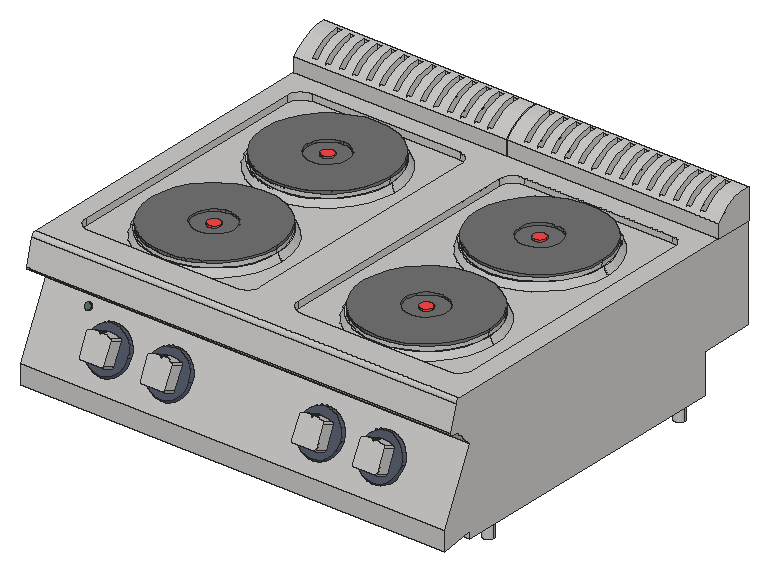
Revit family "QF_ZANUSSI_372015_Z7ECEH4R00", category Specialty Equipment, Revit 2018
Family settings
  Round Connector Dimension = Use Diameter
  Part Type = Normal
  Work Plane-Based = No
  Always vertical = Yes
  Cut with Voids When Loaded = No
  Shared = No
  Room Calculation Point = No
Parameters
  Width = 800 mm  # constant formula
  Weight in Pounds = 88  # constant formula
  Weight = 0.00 kg
  Watts = 10400 W  # constant formula
  Volts = 400 V  # constant formula
  URL Manufacturer = "http://www.zanussiprofessional.com"
  URL Cutsheet = "www.electrolux.com/foodservice"
  URL = "http://www.zanussiprofessional.com"
  Type Mark [instance] = ""
  Steam Supply Size = 0"
  Steam Supply Minimum Pressure = 0.00 psi
  Steam Supply Maximum Pressure = 0.00 psi
  Steam Pounds per Hour = 0
  Status [instance] = ""
  Specification by User [instance] = ""
  Specification by Manufacturer = ""
  Show Logo [instance] = yes
  Show Clearance [instance] = yes
  Serial Number = ""
  Seismic Rating = ""
  SMACNA No = ""
  Revision Code [instance] = ""
  Refrigeration Suction Line Size = 0"
  Refrigeration Liquid Line Size = 0"
  Refrigerant Compressor Remote = yes
  Phase = 3  # constant formula
  Omniclass Number and Title = ""
  Number of Poles [instance] = 1
  NAFEM Spec ID Number = ""
  Model = "Z7ECEH4R00"
  Min Ckt Ampacity = 0 A
  Max Overcurrent Protection = 0 A
  Masterspec = ""
  Manufacturer = "Zanussi"
  Length Actual = 800 mm  # constant formula
  Item Number [instance] = "372015"
  Installed By [instance] = ""
  Identify Quantity as Lot [instance] = yes
  Hot Water Size = 0"
  Height Actual = 250 mm  # constant formula
  Height = 332 mm  # constant formula
  HP = "13.9 HP"
  Gas Size = 0"
  Gas KW = 0
  Gas Input Pressure = 0.0 Btu/h
  Furnished By [instance] = ""
  Foodservice Equipment Identifier [instance] = yes
  FL Amps = if(Phase = 3, Watts / (Volts * 1.73), Watts / Volts)  # 15.0289 A
  Electrical Remarks [instance] = "400 V/3N ph/50/60 Hz"  # constant formula
  Electric Connection Type [instance] = ""
  Elec Conn RI Height [instance] = 0 mm
  Elec Conn Connection Height [instance] = 0 mm
  Direct Waste Size = 0"
  Description = "4-HOT PLATE ELECTRIC BOILING TOP 800 MM"
  Depth Actual = 700 mm  # constant formula
  Depth = 715 mm  # constant formula
  Cycle [instance] = if([60 Hertz Option], 60 Hz, 50 Hz)  # 60 Hz
  Conn Plug = ""
  Conn Conduit = yes
  Condensate Return Size = 0"
  Compressed Air Volume = 0 GPM
  Compressed Air Size = 0"
  Compressed Air Pressure = 0.00 psi
  Cold Water Size = 0"
  CSI MasterFormat = ""
  CSI Master Format = ""
  Base Height [instance] = 24 mm  # constant formula
  Assembly Code = ""
  Apparent Power = if(Phase = 3, Volts * FL Amps * 1.73, Volts * FL Amps)  # 10400 VA
  Accessory = yes
  60 Hertz Option [instance] = not([50 Hertz Option])  # yes
  50 Hertz Option [instance] = no
Reference planes
  plane 1 "BACK": y = 0
  plane 2: z = 0
  plane 3 "LEFT": x = 0
  plane 4 "RIGHT": x = 800
  plane 5 "FRONT": y = -715
  plane 6 "TOP": z = 288.925
  plane 7 "Center Y": x = 400
  plane 8 "Center X": y = -357.5
  plane 9 "BASE": z = 24
  plane 10 "TOP A": z = 274
  plane 11: y = -597.884
  plane 12: y = -147.637
  plane 13: z = 332
  plane 14: through (-6096, -654.982, 186.002) normal (0, -0.8956, 0.4448)
Forms (mm)
  Extrusion 1, solid, material "QF_Finishes_Stainless Steel"
    sketch origin (0, 0, 0) x (0, 1, 0) y (0, 0, 1)
      loop
        line (0, 98) -> (0, 274) -> (-679.358, 274)
        arc (-679.358, 274) -> (-684.643, 271.811) -> (-686.833, 266.526) r 7.474
        line (-686.833, 266.526) -> (-699.884, 221.011)
        arc (-699.884, 221.011) -> (-699.396, 218.379) -> (-697, 217.184) r 3
        line (-697, 217.184) -> (-686.802, 217.184) -> (-654.982, 185.364) -> (-715, 64.508) -> (-715, 29.508) -> (-658.645, 37.428)
        arc (-658.645, 37.428) -> (-656.101, 36.674) -> (-655, 34.259) r 3.2
        line (-655, 34.259) -> (-655, 24) -> (-103, 24) -> (-103, 98) -> (0, 98)
    from 0 to 800
  Extrusion 2, solid, material "QF_Finishes_Stainless Steel"
    sketch origin (0, 0, 0) x (1, 0, 0) y (0, 1, 0)
      loop
        circle (11.112, -147.638) r 9.525
      loop
        circle (11.112, -597.884) r 9.525
      loop
        circle (788.887, -147.638) r 9.525
      loop
        circle (788.887, -597.884) r 9.525
    from 0 to 24
  Extrusion 3, solid, material "QF_Finishes_Stainless Steel"
    sketch origin (0, -101.6, 101.6) x (0, 0, -1) y (-1, 0, 0)
      loop
        circle (41.088, -747.613) r 12.7
    from -1.588 to 3.175
  Extrusion 4, solid, material "QF_Finishes_Clearance", visible <- "Show Clearance", detail levels coarse
    sketch origin (0, 0, 0) x (1, 0, 0) y (0, 1, 0)
      loop
        line (0, -715) -> (0, 0) -> (800, 0) -> (800, -715) -> (950.019, -715) -> (950.019, 150.019) -> (-150.019, 150.019) -> (-150.019, -715) -> (0, -715)
    from 0 to 331.788
  Extrusion 5, solid, material "QF_Finishes_Stainless Steel"
    sketch origin (0, 0, 0) x (0, 1, 0) y (0, 0, 1)
      loop
        line (0, 274) -> (0, 331.492)
        arc (0, 331.492) -> (-38.8, 324.37) -> (-69.85, 300.038) r 82.447
        line (-69.85, 300.038) -> (-69.85, 274) -> (0, 274)
    from 0 to 400.05
  Extrusion 6, void
    sketch origin (0, 0, 274.638) x (0, -1, 0) y (1, 0, 0)
      loop
        line (6.761, 29.703) -> (63.911, 29.703) -> (63.911, 38.999) -> (6.761, 38.999) -> (6.761, 29.703)
      loop
        line (63.911, 64.487) -> (6.761, 64.487) -> (6.761, 55.191) -> (63.911, 55.191) -> (63.911, 64.487)
      loop
        line (63.911, 89.975) -> (6.761, 89.975) -> (6.761, 80.68) -> (63.911, 80.68) -> (63.911, 89.975)
      loop
        line (63.911, 115.464) -> (6.761, 115.464) -> (6.761, 106.168) -> (63.911, 106.168) -> (63.911, 115.464)
      loop
        line (63.911, 140.952) -> (6.761, 140.952) -> (6.761, 131.656) -> (63.911, 131.656) -> (63.911, 140.952)
      loop
        line (63.911, 166.44) -> (6.761, 166.44) -> (6.761, 157.145) -> (63.911, 157.145) -> (63.911, 166.44)
      loop
        line (63.911, 191.929) -> (6.761, 191.929) -> (6.761, 182.633) -> (63.911, 182.633) -> (63.911, 191.929)
      loop
        line (63.911, 217.417) -> (6.761, 217.417) -> (6.761, 208.121) -> (63.911, 208.121) -> (63.911, 217.417)
      loop
        line (63.911, 242.905) -> (6.761, 242.905) -> (6.761, 233.61) -> (63.911, 233.61) -> (63.911, 242.905)
      loop
        line (63.911, 268.394) -> (6.761, 268.394) -> (6.761, 259.098) -> (63.911, 259.098) -> (63.911, 268.394)
      loop
        line (63.911, 293.882) -> (6.761, 293.882) -> (6.761, 284.586) -> (63.911, 284.586) -> (63.911, 293.882)
      loop
        line (63.911, 319.37) -> (6.761, 319.37) -> (6.761, 310.075) -> (63.911, 310.075) -> (63.911, 319.37)
      loop
        line (63.911, 344.859) -> (6.761, 344.859) -> (6.761, 335.563) -> (63.911, 335.563) -> (63.911, 344.859)
      loop
        line (63.911, 370.347) -> (6.761, 370.347) -> (6.761, 361.051) -> (63.911, 361.051) -> (63.911, 370.347)
    from 25.4 to 63.5
  Extrusion 7, solid, material "QF_Finishes_Stainless Steel"
    sketch origin (400.05, 0, 0) x (0, 1, 0) y (0, 0, 1)
      loop
        line (0, 274) -> (0, 331.492)
        arc (0, 331.492) -> (-38.8, 324.37) -> (-69.85, 300.038) r 82.447
        line (-69.85, 300.038) -> (-69.85, 274) -> (0, 274)
    from 0 to 400.05
  Extrusion 8, void
    sketch origin (400.05, 0, 274.638) x (0, -1, 0) y (1, 0, 0)
      loop
        line (6.761, 29.653) -> (63.911, 29.653) -> (63.911, 38.949) -> (6.761, 38.949) -> (6.761, 29.653)
      loop
        line (63.911, 64.437) -> (6.761, 64.437) -> (6.761, 55.141) -> (63.911, 55.141) -> (63.911, 64.437)
      loop
        line (63.911, 89.925) -> (6.761, 89.925) -> (6.761, 80.63) -> (63.911, 80.63) -> (63.911, 89.925)
      loop
        line (63.911, 115.414) -> (6.761, 115.414) -> (6.761, 106.118) -> (63.911, 106.118) -> (63.911, 115.414)
      loop
        line (63.911, 140.902) -> (6.761, 140.902) -> (6.761, 131.606) -> (63.911, 131.606) -> (63.911, 140.902)
      loop
        line (63.911, 166.39) -> (6.761, 166.39) -> (6.761, 157.095) -> (63.911, 157.095) -> (63.911, 166.39)
      loop
        line (63.911, 191.879) -> (6.761, 191.879) -> (6.761, 182.583) -> (63.911, 182.583) -> (63.911, 191.879)
      loop
        line (63.911, 217.367) -> (6.761, 217.367) -> (6.761, 208.071) -> (63.911, 208.071) -> (63.911, 217.367)
      loop
        line (63.911, 242.855) -> (6.761, 242.855) -> (6.761, 233.56) -> (63.911, 233.56) -> (63.911, 242.855)
      loop
        line (63.911, 268.344) -> (6.761, 268.344) -> (6.761, 259.048) -> (63.911, 259.048) -> (63.911, 268.344)
      loop
        line (63.911, 293.832) -> (6.761, 293.832) -> (6.761, 284.536) -> (63.911, 284.536) -> (63.911, 293.832)
      loop
        line (63.911, 319.32) -> (6.761, 319.32) -> (6.761, 310.025) -> (63.911, 310.025) -> (63.911, 319.32)
      loop
        line (63.911, 344.809) -> (6.761, 344.809) -> (6.761, 335.513) -> (63.911, 335.513) -> (63.911, 344.809)
      loop
        line (63.911, 370.297) -> (6.761, 370.297) -> (6.761, 361.001) -> (63.911, 361.001) -> (63.911, 370.297)
    from 25.4 to 63.5
  Extrusion 9, void
    sketch origin (0, 0, 274.638) x (1, 0, 0) y (0, -1, 0)
      loop
        line (60.425, 104.885) -> (339.575, 104.885)
        arc (339.575, 104.885) -> (357.536, 112.324) -> (364.975, 130.285) r 25.4
        line (364.975, 130.285) -> (364.975, 604.235)
        arc (364.975, 604.235) -> (357.536, 622.195) -> (339.575, 629.635) r 25.4
        line (339.575, 629.635) -> (60.425, 629.635)
        arc (60.425, 629.635) -> (42.464, 622.195) -> (35.025, 604.235) r 25.4
        line (35.025, 604.235) -> (35.025, 130.285)
        arc (35.025, 130.285) -> (42.464, 112.324) -> (60.425, 104.885) r 25.4
      loop
        arc (739.575, 104.885) -> (757.536, 112.324) -> (764.975, 130.285) r 25.4
        line (764.975, 130.285) -> (764.975, 604.235)
        arc (764.975, 604.235) -> (757.536, 622.195) -> (739.575, 629.635) r 25.4
        line (739.575, 629.635) -> (460.425, 629.635)
        arc (460.425, 629.635) -> (442.464, 622.195) -> (435.025, 604.235) r 25.4
        line (435.025, 604.235) -> (435.025, 130.285)
        arc (435.025, 130.285) -> (442.464, 112.324) -> (460.425, 104.885) r 25.4
        line (460.425, 104.885) -> (739.575, 104.885)
    from 0 to 12.7
  Extrusion 10, solid, material "QF_Finishes_DarkGreen"
    sketch origin (142.475, -662.752, 170.356) x (1, 0, 0) y (0, 0.444781, 0.895639)
      loop
        circle (-55.001, 0) r 6
    from 0 to 1.6
  Blend 11, solid, material "QF_Finishes_Navy Blue"
    base sketch origin (542.525, -684.991, 125.574) x (1, 0, 0) y (0, 0.444781, 0.895639)
      loop
        circle (-0.05, 0) r 42.5
    top sketch origin (542.525, -684.991, 125.574) x (1, 0, 0) y (0, 0.444781, 0.895639)
      loop
        circle (-0.05, 0) r 40.5
    from 0 to 5
  Extrusion 12, solid, material "QF_Finishes_Stainless Steel"
    sketch origin (542.525, -684.991, 125.574) x (1, 0, 0) y (0, 0.444781, 0.895639)
      loop
        arc (-21.197, 22.789) -> (-22.544, 21.685) -> (-23.05, 20.019) r 2.997
        line (-23.05, 20.019) -> (-23.05, -20.019)
        arc (-23.05, -20.019) -> (-22.172, -22.138) -> (-20.053, -23.016) r 2.997
        line (-20.053, -23.016) -> (19.953, -23.016)
        arc (19.953, -23.016) -> (22.072, -22.138) -> (22.95, -20.019) r 2.997
        line (22.95, -20.019) -> (22.95, 20.019)
        arc (22.95, 20.019) -> (22.444, 21.685) -> (21.097, 22.789) r 2.997
        arc (21.097, 22.789) -> (-0.05, 26.984) -> (-21.197, 22.789) r 55.4
    from 10 to 34
  Extrusion 13, solid, material "QF_Plastic-Black-Matte"
    sketch origin (600.025, -684.991, 125.574) x (0, 0.444781, 0.895639) y (0, -0.895639, 0.444781)
      loop
        line (26.984, 34) -> (26.984, 19) -> (27.984, 19) -> (27.984, 34)
        arc (27.984, 34) -> (27.691, 34.707) -> (26.984, 35) r 1
        line (26.984, 35) -> (23.984, 35) -> (23.984, 34) -> (26.984, 34)
    from -58.5 to -56.5
  Extrusion 14, solid, material "QF_Finishes_Stainless Steel"
    sketch origin (542.525, -684.991, 125.574) x (1, 0, 0) y (0, 0.444781, 0.895639)
      loop
        line (17.45, 17.5) -> (-17.55, 17.5) -> (-17.55, -17.5) -> (17.45, -17.5) -> (17.45, 17.5)
    from 5 to 10
  Extrusion 15, solid, material "QF_Plastic-Black-Matte"
    sketch origin (600.025, -684.991, 125.574) x (0, 0.444781, 0.895639) y (0, 0.895639, -0.444781)
      loop
        line (26.984, -34) -> (23.984, -34) -> (23.984, -35) -> (26.984, -35)
        arc (26.984, -35) -> (27.691, -34.707) -> (27.984, -34) r 1
        line (27.984, -34) -> (27.984, -19) -> (26.984, -19) -> (26.984, -34)
    from -58.5 to -56.5
  Extrusion 16, solid, material "QF_Finishes_Stainless Steel"
    sketch origin (657.525, -684.991, 125.574) x (-1, 0, 0) y (0, -0.444781, -0.895639)
      loop
        line (17.6, -17.5) -> (17.6, 17.5) -> (-17.4, 17.5) -> (-17.4, -17.5) -> (17.6, -17.5)
    from 5 to 10
  Blend 17, solid, material "QF_Finishes_Navy Blue"
    base sketch origin (657.525, -684.991, 125.574) x (1, 0, 0) y (0, 0.444781, 0.895639)
      loop
        circle (-0.1, 0) r 42.5
    top sketch origin (657.525, -684.991, 125.574) x (1, 0, 0) y (0, 0.444781, 0.895639)
      loop
        circle (-0.1, 0) r 40.5
    from 0 to 5
  Extrusion 18, solid, material "QF_Finishes_Stainless Steel"
    sketch origin (657.525, -684.991, 125.574) x (-1, 0, 0) y (0, -0.444781, -0.895639)
      loop
        arc (-21.047, -22.789) -> (0.1, -26.984) -> (21.247, -22.789) r 55.4
        arc (21.247, -22.789) -> (22.594, -21.685) -> (23.1, -20.019) r 2.997
        line (23.1, -20.019) -> (23.1, 20.019)
        arc (23.1, 20.019) -> (22.222, 22.138) -> (20.103, 23.016) r 2.997
        line (20.103, 23.016) -> (-19.903, 23.016)
        arc (-19.903, 23.016) -> (-22.022, 22.138) -> (-22.9, 20.019) r 2.997
        line (-22.9, 20.019) -> (-22.9, -20.019)
        arc (-22.9, -20.019) -> (-22.394, -21.685) -> (-21.047, -22.789) r 2.997
    from 10 to 34
  Blend 19, solid, material "QF_Finishes_Navy Blue"
    base sketch origin (142.475, -684.991, 125.574) x (1, 0, 0) y (0, 0.444781, 0.895639)
      loop
        circle (0, 0) r 42.5
    top sketch origin (142.475, -684.991, 125.574) x (1, 0, 0) y (0, 0.444781, 0.895639)
      loop
        circle (0, 0) r 40.5
    from 0 to 5
  Extrusion 20, solid, material "QF_Finishes_Stainless Steel"
    sketch origin (142.475, -684.991, 125.574) x (1, 0, 0) y (0, 0.444781, 0.895639)
      loop
        arc (-21.147, 22.789) -> (-22.494, 21.685) -> (-23, 20.019) r 2.997
        line (-23, 20.019) -> (-23, -20.019)
        arc (-23, -20.019) -> (-22.122, -22.138) -> (-20.003, -23.016) r 2.997
        line (-20.003, -23.016) -> (20.003, -23.016)
        arc (20.003, -23.016) -> (22.122, -22.138) -> (23, -20.019) r 2.997
        line (23, -20.019) -> (23, 20.019)
        arc (23, 20.019) -> (22.494, 21.685) -> (21.147, 22.789) r 2.997
        arc (21.147, 22.789) -> (0, 26.984) -> (-21.147, 22.789) r 55.4
    from 10 to 34
  Extrusion 21, solid, material "QF_Plastic-Black-Matte"
    sketch origin (199.975, -684.991, 125.574) x (0, 0.444781, 0.895639) y (0, -0.895639, 0.444781)
      loop
        line (26.984, 34) -> (26.984, 19) -> (27.984, 19) -> (27.984, 34)
        arc (27.984, 34) -> (27.691, 34.707) -> (26.984, 35) r 1
        line (26.984, 35) -> (23.984, 35) -> (23.984, 34) -> (26.984, 34)
    from -58.5 to -56.5
  Extrusion 22, solid, material "QF_Finishes_Stainless Steel"
    sketch origin (142.475, -684.991, 125.574) x (1, 0, 0) y (0, 0.444781, 0.895639)
      loop
        line (17.5, 17.5) -> (-17.5, 17.5) -> (-17.5, -17.5) -> (17.5, -17.5) -> (17.5, 17.5)
    from 5 to 10
  Extrusion 23, solid, material "QF_Plastic-Black-Matte"
    sketch origin (199.975, -684.991, 125.574) x (0, 0.444781, 0.895639) y (0, 0.895639, -0.444781)
      loop
        line (26.984, -34) -> (23.984, -34) -> (23.984, -35) -> (26.984, -35)
        arc (26.984, -35) -> (27.691, -34.707) -> (27.984, -34) r 1
        line (27.984, -34) -> (27.984, -19) -> (26.984, -19) -> (26.984, -34)
    from -58.5 to -56.5
  Extrusion 24, solid, material "QF_Finishes_Stainless Steel"
    sketch origin (257.475, -684.991, 125.574) x (-1, 0, 0) y (0, -0.444781, -0.895639)
      loop
        line (17.55, -17.5) -> (17.55, 17.5) -> (-17.45, 17.5) -> (-17.45, -17.5) -> (17.55, -17.5)
    from 5 to 10
  Blend 25, solid, material "QF_Finishes_Navy Blue"
    base sketch origin (257.475, -684.991, 125.574) x (1, 0, 0) y (0, 0.444781, 0.895639)
      loop
        circle (-0.05, 0) r 42.5
    top sketch origin (257.475, -684.991, 125.574) x (1, 0, 0) y (0, 0.444781, 0.895639)
      loop
        circle (-0.05, 0) r 40.5
    from 0 to 5
  Extrusion 26, solid, material "QF_Finishes_Stainless Steel"
    sketch origin (257.475, -684.991, 125.574) x (-1, 0, 0) y (0, -0.444781, -0.895639)
      loop
        arc (-21.097, -22.789) -> (0.05, -26.984) -> (21.197, -22.789) r 55.4
        arc (21.197, -22.789) -> (22.544, -21.685) -> (23.05, -20.019) r 2.997
        line (23.05, -20.019) -> (23.05, 20.019)
        arc (23.05, 20.019) -> (22.172, 22.138) -> (20.053, 23.016) r 2.997
        line (20.053, 23.016) -> (-19.953, 23.016)
        arc (-19.953, 23.016) -> (-22.072, 22.138) -> (-22.95, 20.019) r 2.997
        line (-22.95, 20.019) -> (-22.95, -20.019)
        arc (-22.95, -20.019) -> (-22.444, -21.685) -> (-21.097, -22.789) r 2.997
    from 10 to 34
Cuts and joins
  Extrusion 6 cuts Extrusion 5
  Extrusion 8 cuts Extrusion 7
  Extrusion 9 cuts Extrusion 1
Lines and regions (mm)
  Split face 1
    outline origin (542.525, -689.469, 127.797) x (1, 0, 0) y (0, 0.444781, 0.895639)
      loop
        circle (-33, 0) r 3
  Split face 2
    outline origin (663.426, -689.469, 127.797) x (1, 0, 0) y (0, 0.444781, 0.895639)
      loop
        line (-8.901, 38.561) -> (-8.901, 28.561) -> (-2.901, 28.561) -> (-2.901, 38.561) -> (-8.901, 38.561)
  Split face 3
    outline origin (663.426, -689.469, 127.797) x (1, 0, 0) y (0, 0.444781, 0.895639)
      loop
        line (-8.401, 38.061) -> (-8.401, 29.061) -> (-3.401, 29.061) -> (-3.401, 38.061) -> (-8.401, 38.061)
  Split face 4
    outline origin (663.426, -689.469, 127.797) x (1, 0, 0) y (0, 0.444781, 0.895639)
      loop
        line (-8.401, 33.561) -> (-3.401, 33.561)
  Split face 5
    outline origin (663.426, -689.469, 127.797) x (1, 0, 0) y (0, 0.444781, 0.895639)
      loop
        line (-8.401, 33.061) -> (-3.401, 33.061)
  Split face 6
    outline origin (548.426, -689.469, 127.797) x (1, 0, 0) y (0, 0.444781, 0.895639)
      loop
        line (-8.901, 38.561) -> (-8.901, 28.561) -> (-2.901, 28.561) -> (-2.901, 38.561) -> (-8.901, 38.561)
  Split face 7
    outline origin (548.426, -689.469, 127.797) x (1, 0, 0) y (0, 0.444781, 0.895639)
      loop
        line (-8.401, 38.061) -> (-8.401, 29.061) -> (-3.401, 29.061) -> (-3.401, 38.061) -> (-8.401, 38.061)
  Split face 8
    outline origin (548.426, -689.469, 127.797) x (1, 0, 0) y (0, 0.444781, 0.895639)
      loop
        line (-8.401, 34.061) -> (-3.401, 34.061)
  Split face 9
    outline origin (548.426, -689.469, 127.797) x (1, 0, 0) y (0, 0.444781, 0.895639)
      loop
        line (-8.401, 33.561) -> (-3.401, 33.561)
  Split face 10
    outline origin (568.182, -675.159, 156.613) x (-1, 0, 0) y (0, -0.444781, -0.895639)
      loop
        circle (43.456, 61.543) r 1.5
  Split face 11
    outline origin (548.426, -689.469, 127.797) x (1, 0, 0) y (0, 0.444781, 0.895639)
      loop
        circle (-5.901, 31.311) r 2.029
  Split face 12
    outline origin (663.426, -689.469, 127.797) x (1, 0, 0) y (0, 0.444781, 0.895639)
      loop
        circle (-5.901, 35.811) r 2.031
  Split face 13
    outline origin (542.525, -689.469, 127.797) x (1, 0, 0) y (0, 0.444781, 0.895639)
      loop
        circle (-24.487, 26.694) r 3.497
  Split face 14
    outline origin (657.525, -689.469, 127.797) x (1, 0, 0) y (0, 0.444781, 0.895639)
      loop
        circle (-24.487, 26.694) r 3.497
  Split face 15
    outline origin (657.525, -689.469, 127.797) x (1, 0, 0) y (0, 0.444781, 0.895639)
      loop
        circle (-33, 0) r 3
  Split face 16
    outline origin (657.525, -689.469, 127.797) x (1, 0, 0) y (0, 0.444781, 0.895639)
      loop
        circle (-17.8, -29.371) r 1.5
  Split face 17
    outline origin (142.475, -689.469, 127.797) x (1, 0, 0) y (0, 0.444781, 0.895639)
      loop
        circle (-33, 0) r 3
  Split face 18
    outline origin (263.376, -689.469, 127.797) x (1, 0, 0) y (0, 0.444781, 0.895639)
      loop
        line (-8.901, 38.561) -> (-8.901, 28.561) -> (-2.901, 28.561) -> (-2.901, 38.561) -> (-8.901, 38.561)
  Split face 19
    outline origin (263.376, -689.469, 127.797) x (1, 0, 0) y (0, 0.444781, 0.895639)
      loop
        line (-8.401, 38.061) -> (-8.401, 29.061) -> (-3.401, 29.061) -> (-3.401, 38.061) -> (-8.401, 38.061)
  Split face 20
    outline origin (263.376, -689.469, 127.797) x (1, 0, 0) y (0, 0.444781, 0.895639)
      loop
        line (-8.401, 33.561) -> (-3.401, 33.561)
  Split face 21
    outline origin (263.376, -689.469, 127.797) x (1, 0, 0) y (0, 0.444781, 0.895639)
      loop
        line (-8.401, 33.061) -> (-3.401, 33.061)
  Split face 22
    outline origin (148.376, -689.469, 127.797) x (1, 0, 0) y (0, 0.444781, 0.895639)
      loop
        line (-8.901, 38.561) -> (-8.901, 28.561) -> (-2.901, 28.561) -> (-2.901, 38.561) -> (-8.901, 38.561)
  Split face 23
    outline origin (148.376, -689.469, 127.797) x (1, 0, 0) y (0, 0.444781, 0.895639)
      loop
        line (-8.401, 38.061) -> (-8.401, 29.061) -> (-3.401, 29.061) -> (-3.401, 38.061) -> (-8.401, 38.061)
  Split face 24
    outline origin (148.376, -689.469, 127.797) x (1, 0, 0) y (0, 0.444781, 0.895639)
      loop
        line (-8.401, 34.061) -> (-3.401, 34.061)
  Split face 25
    outline origin (148.376, -689.469, 127.797) x (1, 0, 0) y (0, 0.444781, 0.895639)
      loop
        line (-8.401, 33.561) -> (-3.401, 33.561)
  Split face 26
    outline origin (168.132, -675.159, 156.613) x (-1, 0, 0) y (0, -0.444781, -0.895639)
      loop
        circle (43.456, 61.543) r 1.5
  Split face 27
    outline origin (148.376, -689.469, 127.797) x (1, 0, 0) y (0, 0.444781, 0.895639)
      loop
        circle (-5.901, 31.311) r 2.029
  Split face 28
    outline origin (263.376, -689.469, 127.797) x (1, 0, 0) y (0, 0.444781, 0.895639)
      loop
        circle (-5.901, 35.811) r 2.031
  Split face 29
    outline origin (142.475, -689.469, 127.797) x (1, 0, 0) y (0, 0.444781, 0.895639)
      loop
        circle (-24.487, 26.694) r 3.497
  Split face 30
    outline origin (257.475, -689.469, 127.797) x (1, 0, 0) y (0, 0.444781, 0.895639)
      loop
        circle (-24.487, 26.694) r 3.497
  Split face 31
    outline origin (257.475, -689.469, 127.797) x (1, 0, 0) y (0, 0.444781, 0.895639)
      loop
        circle (-33, 0) r 3
  Split face 32
    outline origin (257.475, -689.469, 127.797) x (1, 0, 0) y (0, 0.444781, 0.895639)
      loop
        circle (-17.8, -29.371) r 1.5
  symbolic lines, style "QF-Clearances", visible <- "Show Clearance", detail levels coarse
    curve 1: line (-150.019, 150.019, 274) -> (-150.019, -715, 274)
    curve 2: line (950.019, 150.019, 274) -> (-150.019, 150.019, 274)
    curve 3: line (950.019, -715, 274) -> (950.019, 150.019, 274)
  symbolic lines
    curve 4: line (0, 0, 274) -> (800, 0, 274)
    curve 5: line (0, -715, 274) -> (0, 0, 274)
    curve 6: line (800, 0, 274) -> (800, -715, 274)
    curve 7: line (0, -69.85, 274) -> (800, -69.85, 274)
    curve 8: line (29.653, -6.761, 0) -> (38.949, -6.761, 0)
    curve 9: line (29.653, -63.911, 0) -> (29.653, -6.761, 0)
    curve 10: line (38.949, -63.911, 0) -> (29.653, -63.911, 0)
    curve 11: line (38.949, -6.761, 0) -> (38.949, -63.911, 0)
    curve 12: line (55.141, -6.761, 0) -> (64.437, -6.761, 0)
    curve 13: line (55.141, -63.911, 0) -> (55.141, -6.761, 0)
    curve 14: line (64.437, -63.911, 0) -> (55.141, -63.911, 0)
    curve 15: line (64.437, -6.761, 0) -> (64.437, -63.911, 0)
    curve 16: line (80.63, -6.761, 0) -> (89.925, -6.761, 0)
    curve 17: line (80.63, -63.911, 0) -> (80.63, -6.761, 0)
    curve 18: line (89.925, -63.911, 0) -> (80.63, -63.911, 0)
    curve 19: line (89.925, -6.761, 0) -> (89.925, -63.911, 0)
    curve 20: line (106.118, -6.761, 0) -> (115.414, -6.761, 0)
    curve 21: line (106.118, -63.911, 0) -> (106.118, -6.761, 0)
    curve 22: line (115.414, -63.911, 0) -> (106.118, -63.911, 0)
    curve 23: line (115.414, -6.761, 0) -> (115.414, -63.911, 0)
    curve 24: line (131.606, -6.761, 0) -> (140.902, -6.761, 0)
    curve 25: line (131.606, -63.911, 0) -> (131.606, -6.761, 0)
    curve 26: line (140.902, -63.911, 0) -> (131.606, -63.911, 0)
    curve 27: line (140.902, -6.761, 0) -> (140.902, -63.911, 0)
    curve 28: line (157.095, -6.761, 0) -> (166.39, -6.761, 0)
    curve 29: line (157.095, -63.911, 0) -> (157.095, -6.761, 0)
    curve 30: line (166.39, -63.911, 0) -> (157.095, -63.911, 0)
    curve 31: line (166.39, -6.761, 0) -> (166.39, -63.911, 0)
    curve 32: line (182.583, -6.761, 0) -> (191.879, -6.761, 0)
    curve 33: line (182.583, -63.911, 0) -> (182.583, -6.761, 0)
    curve 34: line (191.879, -63.911, 0) -> (182.583, -63.911, 0)
    curve 35: line (191.879, -6.761, 0) -> (191.879, -63.911, 0)
    curve 36: line (208.071, -6.761, 0) -> (217.367, -6.761, 0)
    curve 37: line (208.071, -63.911, 0) -> (208.071, -6.761, 0)
    curve 38: line (217.367, -63.911, 0) -> (208.071, -63.911, 0)
    curve 39: line (217.367, -6.761, 0) -> (217.367, -63.911, 0)
    curve 40: line (233.56, -6.761, 0) -> (242.855, -6.761, 0)
    curve 41: line (233.56, -63.911, 0) -> (233.56, -6.761, 0)
    curve 42: line (242.855, -63.911, 0) -> (233.56, -63.911, 0)
    curve 43: line (242.855, -6.761, 0) -> (242.855, -63.911, 0)
    curve 44: line (259.048, -6.761, 0) -> (268.344, -6.761, 0)
    curve 45: line (259.048, -63.911, 0) -> (259.048, -6.761, 0)
    curve 46: line (268.344, -63.911, 0) -> (259.048, -63.911, 0)
    curve 47: line (268.344, -6.761, 0) -> (268.344, -63.911, 0)
    curve 48: line (284.536, -6.761, 0) -> (293.832, -6.761, 0)
    curve 49: line (284.536, -63.911, 0) -> (284.536, -6.761, 0)
    curve 50: line (293.832, -63.911, 0) -> (284.536, -63.911, 0)
    curve 51: line (293.832, -6.761, 0) -> (293.832, -63.911, 0)
    curve 52: line (310.025, -6.761, 0) -> (319.32, -6.761, 0)
    curve 53: line (310.025, -63.911, 0) -> (310.025, -6.761, 0)
    curve 54: line (319.32, -63.911, 0) -> (310.025, -63.911, 0)
    curve 55: line (319.32, -6.761, 0) -> (319.32, -63.911, 0)
    curve 56: line (335.513, -6.761, 0) -> (344.809, -6.761, 0)
    curve 57: line (335.513, -63.911, 0) -> (335.513, -6.761, 0)
    curve 58: line (344.809, -63.911, 0) -> (335.513, -63.911, 0)
    curve 59: line (344.809, -6.761, 0) -> (344.809, -63.911, 0)
    curve 60: line (361.001, -6.761, 0) -> (370.297, -6.761, 0)
    curve 61: line (361.001, -63.911, 0) -> (361.001, -6.761, 0)
    curve 62: line (370.297, -63.911, 0) -> (361.001, -63.911, 0)
    curve 63: line (370.297, -6.761, 0) -> (370.297, -63.911, 0)
    curve 64: line (400, 0, 0) -> (400, -69.85, 0)
    curve 65: line (770.347, -6.761, 0) -> (761.051, -6.761, 0)
    curve 66: line (770.347, -63.911, 0) -> (770.347, -6.761, 0)
    curve 67: line (761.051, -63.911, 0) -> (770.347, -63.911, 0)
    curve 68: line (761.051, -6.761, 0) -> (761.051, -63.911, 0)
    curve 69: line (744.859, -6.761, 0) -> (735.563, -6.761, 0)
    curve 70: line (744.859, -63.911, 0) -> (744.859, -6.761, 0)
    curve 71: line (735.563, -63.911, 0) -> (744.859, -63.911, 0)
    curve 72: line (735.563, -6.761, 0) -> (735.563, -63.911, 0)
    curve 73: line (719.37, -6.761, 0) -> (710.075, -6.761, 0)
    curve 74: line (719.37, -63.911, 0) -> (719.37, -6.761, 0)
    curve 75: line (710.075, -63.911, 0) -> (719.37, -63.911, 0)
    curve 76: line (710.075, -6.761, 0) -> (710.075, -63.911, 0)
    curve 77: line (693.882, -6.761, 0) -> (684.586, -6.761, 0)
    curve 78: line (693.882, -63.911, 0) -> (693.882, -6.761, 0)
    curve 79: line (684.586, -63.911, 0) -> (693.882, -63.911, 0)
    curve 80: line (684.586, -6.761, 0) -> (684.586, -63.911, 0)
    curve 81: line (668.394, -6.761, 0) -> (659.098, -6.761, 0)
    curve 82: line (668.394, -63.911, 0) -> (668.394, -6.761, 0)
    curve 83: line (659.098, -63.911, 0) -> (668.394, -63.911, 0)
    curve 84: line (659.098, -6.761, 0) -> (659.098, -63.911, 0)
    curve 85: line (642.905, -6.761, 0) -> (633.61, -6.761, 0)
    curve 86: line (642.905, -63.911, 0) -> (642.905, -6.761, 0)
    curve 87: line (633.61, -63.911, 0) -> (642.905, -63.911, 0)
    curve 88: line (633.61, -6.761, 0) -> (633.61, -63.911, 0)
    curve 89: line (617.417, -6.761, 0) -> (608.121, -6.761, 0)
    curve 90: line (617.417, -63.911, 0) -> (617.417, -6.761, 0)
    curve 91: line (608.121, -63.911, 0) -> (617.417, -63.911, 0)
    curve 92: line (608.121, -6.761, 0) -> (608.121, -63.911, 0)
    curve 93: line (591.929, -6.761, 0) -> (582.633, -6.761, 0)
    curve 94: line (591.929, -63.911, 0) -> (591.929, -6.761, 0)
    curve 95: line (582.633, -63.911, 0) -> (591.929, -63.911, 0)
    curve 96: line (582.633, -6.761, 0) -> (582.633, -63.911, 0)
    curve 97: line (566.44, -6.761, 0) -> (557.145, -6.761, 0)
    curve 98: line (566.44, -63.911, 0) -> (566.44, -6.761, 0)
    curve 99: line (557.145, -63.911, 0) -> (566.44, -63.911, 0)
    curve 100: line (557.145, -6.761, 0) -> (557.145, -63.911, 0)
    curve 101: line (540.952, -6.761, 0) -> (531.656, -6.761, 0)
    curve 102: line (540.952, -63.911, 0) -> (540.952, -6.761, 0)
    curve 103: line (531.656, -63.911, 0) -> (540.952, -63.911, 0)
    curve 104: line (531.656, -6.761, 0) -> (531.656, -63.911, 0)
    curve 105: line (515.464, -6.761, 0) -> (506.168, -6.761, 0)
    curve 106: line (515.464, -63.911, 0) -> (515.464, -6.761, 0)
    curve 107: line (506.168, -63.911, 0) -> (515.464, -63.911, 0)
    curve 108: line (506.168, -6.761, 0) -> (506.168, -63.911, 0)
    curve 109: line (489.975, -6.761, 0) -> (480.68, -6.761, 0)
    curve 110: line (489.975, -63.911, 0) -> (489.975, -6.761, 0)
    curve 111: line (480.68, -63.911, 0) -> (489.975, -63.911, 0)
    curve 112: line (480.68, -6.761, 0) -> (480.68, -63.911, 0)
    curve 113: line (464.487, -6.761, 0) -> (455.191, -6.761, 0)
    curve 114: line (464.487, -63.911, 0) -> (464.487, -6.761, 0)
    curve 115: line (455.191, -63.911, 0) -> (464.487, -63.911, 0)
    curve 116: line (455.191, -6.761, 0) -> (455.191, -63.911, 0)
    curve 117: line (438.999, -6.761, 0) -> (429.703, -6.761, 0)
    curve 118: line (438.999, -63.911, 0) -> (438.999, -6.761, 0)
    curve 119: line (429.703, -63.911, 0) -> (438.999, -63.911, 0)
    curve 120: line (429.703, -6.761, 0) -> (429.703, -63.911, 0)
    curve 121: arc (35.025, -130.285, 0) -> (42.464, -112.324, 0) -> (60.425, -104.885, 0) r 25.4
    curve 122: line (60.425, -104.885, 0) -> (339.575, -104.885, 0)
    curve 123: arc (339.575, -104.885, 0) -> (357.536, -112.324, 0) -> (364.975, -130.285, 0) r 25.4
    curve 124: line (364.975, -130.285, 0) -> (364.975, -619.485, 0)
    curve 125: arc (364.975, -619.485, 0) -> (357.536, -637.445, 0) -> (339.575, -644.885, 0) r 25.4
    curve 126: line (339.575, -644.885, 0) -> (60.425, -644.885, 0)
    curve 127: arc (60.425, -644.885, 0) -> (42.464, -637.445, 0) -> (35.025, -619.485, 0) r 25.4
    curve 128: line (35.025, -619.485, 0) -> (35.025, -130.285, 0)
    curve 129: line (435.025, -619.485, 0) -> (435.025, -130.285, 0)
    curve 130: arc (435.025, -130.285, 0) -> (442.464, -112.324, 0) -> (460.425, -104.885, 0) r 25.4
    curve 131: line (460.425, -104.885, 0) -> (739.575, -104.885, 0)
    curve 132: arc (739.575, -104.885, 0) -> (757.536, -112.324, 0) -> (764.975, -130.285, 0) r 25.4
    curve 133: line (764.975, -130.285, 0) -> (764.975, -619.485, 0)
    curve 134: arc (764.975, -619.485, 0) -> (757.536, -637.445, 0) -> (739.575, -644.885, 0) r 25.4
    curve 135: line (739.575, -644.885, 0) -> (460.425, -644.885, 0)
    curve 136: arc (460.425, -644.885, 0) -> (442.464, -637.445, 0) -> (435.025, -619.485, 0) r 25.4
    curve 137: line (0, -700, 0) -> (799.9, -700, 0)
    curve 138: line (119.525, -700, 0) -> (119.525, -724.347, 0)
    curve 139: arc (119.525, -724.347, 0) -> (119.671, -724.811, 0) -> (120.057, -725.107, 0) r 0.809
    curve 140: arc (120.057, -725.107, 0) -> (121.245, -725.587, 0) -> (122.522, -725.68, 0) r 4.127
    curve 141: arc (119.525, -704.292, 0) -> (114.484, -702.458, 0) -> (109.716, -700, 0) r 42.24
    curve 142: arc (119.525, -706.539, 0) -> (120.027, -705.818, 0) -> (120.824, -705.448, 0) r 1.682
    curve 143: arc (120.824, -705.448, 0) -> (131.127, -703.95, 0) -> (141.525, -703.441, 0) r 109.079
    curve 144: line (141.525, -700, 0) -> (141.525, -705.671, 0)
    curve 145: line (141.525, -705.671, 0) -> (143.525, -705.671, 0)
    curve 146: line (143.525, -705.671, 0) -> (143.525, -700, 0)
    curve 147: line (165.525, -700, 0) -> (165.525, -724.347, 0)
    curve 148: arc (165.525, -724.347, 0) -> (165.379, -724.811, 0) -> (164.993, -725.107, 0) r 0.809
    curve 149: arc (164.993, -725.107, 0) -> (163.805, -725.587, 0) -> (162.528, -725.68, 0) r 4.127
    curve 150: arc (165.525, -704.292, 0) -> (170.566, -702.458, 0) -> (175.334, -700, 0) r 42.24
    curve 151: arc (165.525, -706.539, 0) -> (165.023, -705.818, 0) -> (164.226, -705.448, 0) r 1.682
    curve 152: arc (164.226, -705.448, 0) -> (153.923, -703.95, 0) -> (143.525, -703.441, 0) r 109.079
    curve 153: line (122.522, -725.68, 0) -> (162.528, -725.68, 0)
    curve 154: line (280.525, -700, 0) -> (280.525, -724.347, 0)
    curve 155: arc (280.525, -724.347, 0) -> (280.379, -724.811, 0) -> (279.993, -725.107, 0) r 0.809
    curve 156: arc (279.993, -725.107, 0) -> (278.805, -725.587, 0) -> (277.528, -725.68, 0) r 4.127
    curve 157: arc (280.525, -704.292, 0) -> (285.566, -702.458, 0) -> (290.334, -700, 0) r 42.24
    curve 158: arc (280.525, -706.539, 0) -> (280.023, -705.818, 0) -> (279.226, -705.448, 0) r 1.682
    curve 159: arc (279.226, -705.448, 0) -> (268.923, -703.95, 0) -> (258.525, -703.441, 0) r 109.079
    curve 160: line (258.525, -700, 0) -> (258.525, -705.671, 0)
    curve 161: line (258.525, -705.671, 0) -> (256.525, -705.671, 0)
    curve 162: line (256.525, -705.671, 0) -> (256.525, -700, 0)
    curve 163: line (234.525, -700, 0) -> (234.525, -724.347, 0)
    curve 164: arc (234.525, -724.347, 0) -> (234.671, -724.811, 0) -> (235.057, -725.107, 0) r 0.809
    curve 165: arc (235.057, -725.107, 0) -> (236.245, -725.587, 0) -> (237.522, -725.68, 0) r 4.127
    curve 166: arc (234.525, -704.292, 0) -> (229.484, -702.458, 0) -> (224.716, -700, 0) r 42.24
    curve 167: arc (234.525, -706.539, 0) -> (235.027, -705.818, 0) -> (235.824, -705.448, 0) r 1.682
    curve 168: arc (235.824, -705.448, 0) -> (246.127, -703.95, 0) -> (256.525, -703.441, 0) r 109.079
    curve 169: line (277.528, -725.68, 0) -> (237.522, -725.68, 0)
    curve 170: line (165.525, -715, 0) -> (234.525, -715, 0)
    curve 171: line (280.525, -715, 0) -> (519.475, -715, 0)
    curve 172: line (0, -715, 0) -> (119.525, -715, 0)
    curve 173: line (519.475, -700, 0) -> (519.475, -724.347, 0)
    curve 174: arc (519.475, -724.347, 0) -> (519.621, -724.811, 0) -> (520.007, -725.107, 0) r 0.809
    curve 175: arc (520.007, -725.107, 0) -> (521.195, -725.587, 0) -> (522.472, -725.68, 0) r 4.127
    curve 176: arc (519.475, -704.292, 0) -> (514.434, -702.458, 0) -> (509.666, -700, 0) r 42.24
    curve 177: arc (519.475, -706.539, 0) -> (519.977, -705.818, 0) -> (520.774, -705.448, 0) r 1.682
    curve 178: arc (520.774, -705.448, 0) -> (531.077, -703.95, 0) -> (541.475, -703.441, 0) r 109.079
    curve 179: line (541.475, -700, 0) -> (541.475, -705.671, 0)
    curve 180: line (541.475, -705.671, 0) -> (543.475, -705.671, 0)
    curve 181: line (543.475, -705.671, 0) -> (543.475, -700, 0)
    curve 182: line (565.475, -700, 0) -> (565.475, -724.347, 0)
    curve 183: arc (565.475, -724.347, 0) -> (565.329, -724.811, 0) -> (564.943, -725.107, 0) r 0.809
    curve 184: arc (564.943, -725.107, 0) -> (563.755, -725.587, 0) -> (562.478, -725.68, 0) r 4.127
    curve 185: arc (565.475, -704.292, 0) -> (570.516, -702.458, 0) -> (575.284, -700, 0) r 42.24
    curve 186: arc (565.475, -706.539, 0) -> (564.973, -705.818, 0) -> (564.176, -705.448, 0) r 1.682
    curve 187: arc (564.176, -705.448, 0) -> (553.873, -703.95, 0) -> (543.475, -703.441, 0) r 109.079
    curve 188: line (522.472, -725.68, 0) -> (562.478, -725.68, 0)
    curve 189: line (680.475, -700, 0) -> (680.475, -724.347, 0)
    curve 190: arc (680.475, -724.347, 0) -> (680.329, -724.811, 0) -> (679.943, -725.107, 0) r 0.809
    curve 191: arc (679.943, -725.107, 0) -> (678.755, -725.587, 0) -> (677.478, -725.68, 0) r 4.127
    curve 192: arc (680.475, -704.292, 0) -> (685.516, -702.458, 0) -> (690.284, -700, 0) r 42.24
    curve 193: arc (680.475, -706.539, 0) -> (679.973, -705.818, 0) -> (679.176, -705.448, 0) r 1.682
    curve 194: arc (679.176, -705.448, 0) -> (668.873, -703.95, 0) -> (658.475, -703.441, 0) r 109.079
    curve 195: line (658.475, -700, 0) -> (658.475, -705.671, 0)
    curve 196: line (658.475, -705.671, 0) -> (656.475, -705.671, 0)
    curve 197: line (656.475, -705.671, 0) -> (656.475, -700, 0)
    curve 198: line (634.475, -700, 0) -> (634.475, -724.347, 0)
    curve 199: arc (634.475, -724.347, 0) -> (634.621, -724.811, 0) -> (635.007, -725.107, 0) r 0.809
    curve 200: arc (635.007, -725.107, 0) -> (636.195, -725.587, 0) -> (637.472, -725.68, 0) r 4.127
    curve 201: arc (634.475, -704.292, 0) -> (629.434, -702.458, 0) -> (624.666, -700, 0) r 42.24
    curve 202: arc (634.475, -706.539, 0) -> (634.977, -705.818, 0) -> (635.774, -705.448, 0) r 1.682
    curve 203: arc (635.774, -705.448, 0) -> (646.077, -703.95, 0) -> (656.475, -703.441, 0) r 109.079
    curve 204: line (677.478, -725.68, 0) -> (637.472, -725.68, 0)
    curve 205: line (565.475, -715, 0) -> (634.475, -715, 0)
    curve 206: line (680.475, -715, 0) -> (799.95, -715, 0)
Dimensions and locks
  equal spacing: plane 3 "LEFT", plane 7 "Center Y", plane 4 "RIGHT"
  "Width": plane 3 "LEFT" to plane 4 "RIGHT"
  equal spacing: plane 5 "FRONT", plane 8 "Center X", plane 1 "BACK"
  "Depth": plane 5 "FRONT" to plane 1 "BACK"
  plane 1 "BACK" to plane 5 "FRONT" = 715 mm
  "Base Height": plane 9 "BASE" to level
  plane 4 "RIGHT" to Extrusion 3 sketch curve = 52.388 mm
  plane 10 "TOP A" to plane 9 "BASE" = 250 mm  (x2)
  plane 9 "BASE" to level = 24 mm
  "Height": plane 13 to level
  Extrusion 3 sketch curve to plane 9 "BASE" = 36.513 mm
  aligned and locked: level to plane 2
  aligned and locked: plane 4 "RIGHT" to Extrusion 1
  aligned and locked: plane 9 "BASE" to Extrusion 2
  aligned: plane 6 "TOP" to Extrusion 4
Automatic sketch dimensions
  curve 64 to plane 7 "Center Y" = 0 mm
  plane 1 "BACK" to curve 64 = 0 mm
  plane 1 "BACK" to curve 63 = 6.761 mm
  curve 63 to plane 7 "Center Y" = 29.703 mm
  plane 11 to curve 124 = 21.6 mm
  curve 124 to plane 7 "Center Y" = 35.025 mm
  curve 60 to curve 60 = 9.296 mm
  plane 1 "BACK" to curve 59 = 6.761 mm
  curve 59 to curve 60 = 16.193 mm
  curve 126 to curve 125 = 25.4 mm
  curve 122 to curve 123 = 25.4 mm
  curve 57 to curve 56 = 9.296 mm
  plane 1 "BACK" to curve 55 = 6.761 mm
  curve 55 to curve 56 = 16.193 mm
  curve 53 to curve 52 = 9.296 mm
  plane 1 "BACK" to curve 48 = 6.761 mm
  curve 48 to curve 52 = 16.193 mm
  curve 49 to curve 50 = 9.296 mm
  plane 1 "BACK" to curve 47 = 6.761 mm
  curve 47 to curve 48 = 16.193 mm
  curve 46 to curve 46 = 9.296 mm
  curve 43 to curve 45 = 16.193 mm
  curve 41 to curve 42 = 9.296 mm
  curve 39 to curve 41 = 16.193 mm
  curve 37 to curve 36 = 9.296 mm
  plane 1 "BACK" to curve 35 = 6.761 mm
  curve 35 to curve 36 = 16.193 mm
  curve 34 to curve 34 = 9.296 mm
  plane 1 "BACK" to curve 28 = 6.761 mm
  curve 28 to curve 32 = 16.193 mm
  curve 30 to curve 30 = 9.296 mm
  curve 26 to curve 29 = 16.193 mm
  curve 25 to curve 24 = 9.296 mm
  curve 23 to curve 25 = 16.193 mm
  curve 21 to curve 22 = 9.296 mm
  curve 18 to curve 21 = 16.193 mm
  curve 18 to curve 18 = 9.296 mm
  plane 1 "BACK" to curve 12 = 6.761 mm
  curve 12 to curve 16 = 16.193 mm
  curve 121 to plane 12 = 17.353 mm
  plane 3 "LEFT" to curve 121 = 60.425 mm
  plane 11 to curve 127 = 21.6 mm
  plane 3 "LEFT" to curve 127 = 60.425 mm
  curve 13 to curve 14 = 9.296 mm
  curve 11 to curve 13 = 16.193 mm
  curve 8 to curve 8 = 9.296 mm
  plane 7 "Center Y" to curve 119 = 29.703 mm
  curve 129 to plane 12 = 17.353 mm
  plane 7 "Center Y" to curve 129 = 35.025 mm
  curve 119 to curve 118 = 9.296 mm
  curve 118 to curve 116 = 16.193 mm
  curve 129 to curve 131 = 25.4 mm
  curve 129 to curve 136 = 25.4 mm
  curve 115 to curve 114 = 9.296 mm
  plane 1 "BACK" to curve 112 = 6.761 mm
  curve 113 to curve 112 = 16.193 mm
  curve 109 to curve 110 = 9.296 mm
  curve 110 to curve 108 = 16.193 mm
  curve 105 to curve 106 = 9.296 mm
  curve 106 to curve 103 = 16.193 mm
  curve 103 to curve 103 = 9.296 mm
  curve 102 to curve 99 = 16.193 mm
  curve 99 to curve 99 = 9.296 mm
  plane 1 "BACK" to curve 96 = 6.761 mm
  curve 97 to curve 96 = 16.193 mm
  curve 93 to curve 94 = 9.296 mm
  plane 1 "BACK" to curve 92 = 6.761 mm
  curve 93 to curve 92 = 16.193 mm
  curve 91 to curve 90 = 9.296 mm
  plane 1 "BACK" to curve 88 = 6.761 mm
  curve 89 to curve 88 = 16.193 mm
  curve 87 to curve 86 = 9.296 mm
  plane 1 "BACK" to curve 84 = 6.761 mm
  curve 85 to curve 84 = 16.193 mm
  curve 83 to curve 82 = 9.296 mm
  curve 82 to curve 80 = 16.193 mm
  curve 79 to curve 78 = 9.296 mm
  plane 1 "BACK" to curve 76 = 6.761 mm
  curve 77 to curve 76 = 16.193 mm
  curve 75 to curve 74 = 9.296 mm
  curve 74 to curve 72 = 16.193 mm
  plane 11 to curve 134 = 21.6 mm
  curve 134 to plane 4 "RIGHT" = 60.425 mm
  curve 132 to plane 12 = 17.353 mm
  curve 132 to plane 4 "RIGHT" = 60.425 mm
  curve 71 to curve 71 = 9.296 mm
  plane 1 "BACK" to curve 65 = 6.761 mm
  curve 69 to curve 65 = 16.193 mm
  curve 67 to curve 67 = 9.296 mm
  curve 27 to curve 28 = 57.15 mm
  curve 26 to curve 29 = 0 mm
  curve 121 to curve 11 = 40.974 mm
  curve 30 to curve 33 = 0 mm
  curve 10 to curve 13 = 0 mm
  curve 34 to curve 37 = 0 mm
  curve 23 to curve 25 = 0 mm
  curve 38 to curve 41 = 0 mm
  curve 19 to curve 21 = 0 mm
  curve 42 to curve 45 = 0 mm
  curve 130 to curve 120 = 40.974 mm
  curve 46 to curve 49 = 0 mm
  curve 118 to curve 116 = 0 mm
  curve 50 to curve 53 = 0 mm
  curve 114 to curve 112 = 0 mm
  curve 54 to curve 57 = 0 mm
  curve 110 to curve 108 = 0 mm
  curve 58 to curve 61 = 0 mm
  curve 106 to curve 104 = 0 mm
  curve 132 to curve 66 = 40.974 mm
  curve 102 to curve 100 = 0 mm
  curve 70 to curve 67 = 0 mm
  curve 98 to curve 96 = 0 mm
  curve 94 to curve 92 = 0 mm
  curve 75 to curve 71 = 0 mm
  curve 78 to curve 75 = 0 mm
  curve 90 to curve 88 = 0 mm
  curve 82 to curve 79 = 0 mm
  plane 1 "BACK" to curve 80 = 6.761 mm
  plane 1 "BACK" to curve 72 = 6.761 mm
  plane 1 "BACK" to curve 97 = 6.761 mm
  plane 1 "BACK" to curve 101 = 6.761 mm
  plane 1 "BACK" to curve 17 = 6.761 mm
  plane 1 "BACK" to curve 105 = 6.761 mm
  plane 1 "BACK" to curve 113 = 6.761 mm
  plane 1 "BACK" to curve 117 = 6.761 mm
  plane 1 "BACK" to curve 43 = 6.761 mm
  plane 1 "BACK" to curve 39 = 6.761 mm
  plane 1 "BACK" to curve 27 = 6.761 mm
  plane 1 "BACK" to curve 23 = 6.761 mm
  plane 1 "BACK" to curve 11 = 6.761 mm
  curve 64 to curve 62 = 5.939 mm
  plane 11 to Extrusion 2 sketch curve = 0 mm  (x2)
  plane 12 to Extrusion 2 sketch curve = 0 mm  (x2)
  plane 3 "LEFT" to Extrusion 2 sketch curve = 11.112 mm  (x2)
  Extrusion 2 sketch curve to plane 4 "RIGHT" = 11.113 mm  (x2)
  plane 5 "FRONT" to Extrusion 4 sketch curve = 0 mm  (x2)
  plane 1 "BACK" to Extrusion 4 sketch curve = 0 mm
  Extrusion 4 sketch curve to plane 3 "LEFT" = 0 mm
  Extrusion 4 sketch curve to plane 4 "RIGHT" = 0 mm
  Extrusion 4 sketch curve to plane 3 "LEFT" = 150.019 mm
  plane 4 "RIGHT" to Extrusion 4 sketch curve = 150.019 mm
  Extrusion 4 sketch curve to plane 1 "BACK" = 150.019 mm
  plane 5 "FRONT" to curve 3 = 0 mm
  curve 7 to plane 4 "RIGHT" = 0 mm
  plane 1 "BACK" to curve 5 = 0 mm
  curve 5 to plane 3 "LEFT" = 0 mm
  plane 5 "FRONT" to curve 1 = 0 mm
  plane 5 "FRONT" to curve 6 = 0 mm
  plane 4 "RIGHT" to curve 3 = 150.019 mm
  curve 1 to plane 3 "LEFT" = 150.019 mm
  curve 1 to plane 1 "BACK" = 150.019 mm
  curve 4 to curve 7 = 69.85 mm
  Extrusion 5 sketch curve to plane 10 "TOP A" = 0 mm
  Extrusion 5 sketch curve to plane 1 "BACK" = 0 mm
  plane 1 "BACK" to Extrusion 5 sketch curve = 4.947 mm
  plane 6 "TOP" to Extrusion 5 sketch curve = 11.113 mm
  plane 1 "BACK" to Extrusion 5 sketch curve = 69.85 mm
  Extrusion 5 sketch curve to plane 10 "TOP A" = 24.807 mm
  plane 1 "BACK" to Extrusion 6 sketch curve = 6.761 mm  (x14)
  Extrusion 6 sketch curve to Extrusion 6 sketch curve = 57.15 mm
  Extrusion 6 sketch curve to Extrusion 6 sketch curve = 0 mm  (x13)
  plane 3 "LEFT" to Extrusion 6 sketch curve = 29.703 mm
  Extrusion 6 sketch curve to Extrusion 6 sketch curve = 9.296 mm  (x14)
  Extrusion 6 sketch curve to Extrusion 6 sketch curve = 16.193 mm  (x13)
  Extrusion 7 sketch curve to plane 10 "TOP A" = 0 mm
  Extrusion 7 sketch curve to plane 1 "BACK" = 0 mm
  plane 1 "BACK" to Extrusion 7 sketch curve = 4.947 mm
  plane 6 "TOP" to Extrusion 7 sketch curve = 11.113 mm
  plane 1 "BACK" to Extrusion 7 sketch curve = 69.85 mm
  Extrusion 7 sketch curve to plane 10 "TOP A" = 24.807 mm
  plane 1 "BACK" to Extrusion 8 sketch curve = 6.761 mm  (x14)
  Extrusion 8 sketch curve to Extrusion 8 sketch curve = 57.15 mm
  Extrusion 8 sketch curve to Extrusion 8 sketch curve = 0 mm  (x13)
  plane 7 "Center Y" to Extrusion 8 sketch curve = 29.703 mm
  Extrusion 8 sketch curve to Extrusion 8 sketch curve = 9.296 mm  (x14)
  Extrusion 8 sketch curve to Extrusion 8 sketch curve = 16.193 mm  (x13)
  plane 11 to Extrusion 9 sketch curve = 6.35 mm  (x2)
  plane 3 "LEFT" to Extrusion 9 sketch curve = 35.025 mm
  plane 11 to Extrusion 9 sketch curve = 31.75 mm  (x2)
  Extrusion 9 sketch curve to Extrusion 9 sketch curve = 25.4 mm  (x4)
  Extrusion 9 sketch curve to plane 7 "Center Y" = 60.425 mm  (x2)
  plane 7 "Center Y" to Extrusion 9 sketch curve = 35.025 mm
  Extrusion 9 sketch curve to plane 12 = 17.353 mm  (x2)
  Extrusion 9 sketch curve to plane 4 "RIGHT" = 60.425 mm  (x2)
  plane 3 "LEFT" to Extrusion 10 sketch curve = 87.474 mm
  plane 7 "Center Y" to Blend 11 sketch curve = 142.475 mm  (x2)
  plane 7 "Center Y" to Extrusion 12 sketch curve = 119.475 mm
  Extrusion 12 sketch curve to Extrusion 12 sketch curve = 2.997 mm  (x3)
  Extrusion 12 sketch curve to Extrusion 12 sketch curve = 20.003 mm  (x2)
  Extrusion 12 sketch curve to Extrusion 12 sketch curve = 40.005 mm
  Extrusion 12 sketch curve to Extrusion 12 sketch curve = 5.399 mm
  Extrusion 12 sketch curve to Extrusion 12 sketch curve = 40.037 mm
  Extrusion 12 sketch curve to Extrusion 12 sketch curve = 0 mm  (x2)
  plane 14 to Extrusion 13 sketch curve = 35 mm
  Extrusion 13 sketch curve to plane 5 "FRONT" = 9.329 mm
  Extrusion 13 sketch curve to Extrusion 13 sketch curve = 3 mm
  Extrusion 13 sketch curve to Extrusion 13 sketch curve = 0 mm  (x2)
  Extrusion 13 sketch curve to Extrusion 13 sketch curve = 1 mm
  Extrusion 13 sketch curve to Extrusion 13 sketch curve = 15 mm
  plane 7 "Center Y" to Extrusion 14 sketch curve = 124.975 mm
  Extrusion 14 sketch curve to Extrusion 14 sketch curve = 35 mm  (x2)
  plane 14 to Extrusion 15 sketch curve = 35 mm
  Extrusion 15 sketch curve to plane 5 "FRONT" = 9.329 mm
  Extrusion 15 sketch curve to Extrusion 15 sketch curve = 3 mm
  Extrusion 15 sketch curve to Extrusion 15 sketch curve = 0 mm
  Extrusion 15 sketch curve to Extrusion 15 sketch curve = 1 mm  (x2)
  Extrusion 15 sketch curve to Extrusion 15 sketch curve = 15 mm
  Extrusion 16 sketch curve to plane 4 "RIGHT" = 125.075 mm
  Extrusion 16 sketch curve to Extrusion 16 sketch curve = 35 mm  (x2)
  Blend 17 sketch curve to plane 4 "RIGHT" = 142.575 mm  (x2)
  Extrusion 18 sketch curve to plane 4 "RIGHT" = 119.575 mm
  Extrusion 18 sketch curve to Extrusion 18 sketch curve = 2.997 mm  (x3)
  Extrusion 18 sketch curve to Extrusion 18 sketch curve = 20.003 mm  (x2)
  Extrusion 18 sketch curve to Extrusion 18 sketch curve = 40.005 mm
  Extrusion 18 sketch curve to Extrusion 18 sketch curve = 0 mm  (x2)
  Extrusion 18 sketch curve to Extrusion 18 sketch curve = 40.037 mm
  Extrusion 18 sketch curve to Extrusion 18 sketch curve = 5.399 mm
  Split face 2 sketch curve to Split face 2 sketch curve = 6 mm
  Split face 2 sketch curve to Split face 2 sketch curve = 10 mm
  Split face 3 sketch curve to Split face 3 sketch curve = 5 mm
  Split face 3 sketch curve to Split face 3 sketch curve = 9 mm
  Split face 4 sketch curve to Split face 4 sketch curve = 5 mm
  Split face 5 sketch curve to Split face 5 sketch curve = 5 mm
  Split face 6 sketch curve to Split face 6 sketch curve = 6 mm
  Split face 6 sketch curve to Split face 6 sketch curve = 10 mm
  Split face 7 sketch curve to Split face 7 sketch curve = 5 mm
  Split face 7 sketch curve to Split face 7 sketch curve = 9 mm
  Split face 8 sketch curve to Split face 8 sketch curve = 5 mm
  Split face 9 sketch curve to Split face 9 sketch curve = 5 mm
  plane 3 "LEFT" to Blend 19 sketch curve = 142.475 mm  (x2)
  plane 3 "LEFT" to Extrusion 20 sketch curve = 119.475 mm
  Extrusion 20 sketch curve to Extrusion 20 sketch curve = 2.997 mm  (x3)
  Extrusion 20 sketch curve to Extrusion 20 sketch curve = 20.003 mm  (x2)
  Extrusion 20 sketch curve to Extrusion 20 sketch curve = 40.005 mm
  Extrusion 20 sketch curve to Extrusion 20 sketch curve = 5.399 mm
  Extrusion 20 sketch curve to Extrusion 20 sketch curve = 40.037 mm
  Extrusion 20 sketch curve to Extrusion 20 sketch curve = 0 mm  (x2)
  plane 14 to Extrusion 21 sketch curve = 35 mm
  Extrusion 21 sketch curve to plane 5 "FRONT" = 9.329 mm
  Extrusion 21 sketch curve to Extrusion 21 sketch curve = 3 mm
  Extrusion 21 sketch curve to Extrusion 21 sketch curve = 0 mm  (x2)
  Extrusion 21 sketch curve to Extrusion 21 sketch curve = 1 mm
  Extrusion 21 sketch curve to Extrusion 21 sketch curve = 15 mm
  plane 3 "LEFT" to Extrusion 22 sketch curve = 124.975 mm
  Extrusion 22 sketch curve to Extrusion 22 sketch curve = 35 mm  (x2)
  plane 14 to Extrusion 23 sketch curve = 35 mm
  Extrusion 23 sketch curve to plane 5 "FRONT" = 9.329 mm
  Extrusion 23 sketch curve to Extrusion 23 sketch curve = 3 mm
  Extrusion 23 sketch curve to Extrusion 23 sketch curve = 0 mm
  Extrusion 23 sketch curve to Extrusion 23 sketch curve = 1 mm  (x2)
  Extrusion 23 sketch curve to Extrusion 23 sketch curve = 15 mm
  Extrusion 24 sketch curve to plane 7 "Center Y" = 125.075 mm
  Extrusion 24 sketch curve to Extrusion 24 sketch curve = 35 mm  (x2)
  Blend 25 sketch curve to plane 7 "Center Y" = 142.575 mm  (x2)
  Extrusion 26 sketch curve to plane 7 "Center Y" = 119.575 mm
  Extrusion 26 sketch curve to Extrusion 26 sketch curve = 2.997 mm  (x3)
  Extrusion 26 sketch curve to Extrusion 26 sketch curve = 20.003 mm  (x2)
  Extrusion 26 sketch curve to Extrusion 26 sketch curve = 40.005 mm
  Extrusion 26 sketch curve to Extrusion 26 sketch curve = 0 mm  (x2)
  Extrusion 26 sketch curve to Extrusion 26 sketch curve = 40.037 mm
  Extrusion 26 sketch curve to Extrusion 26 sketch curve = 5.399 mm
  Split face 18 sketch curve to Split face 18 sketch curve = 6 mm
  Split face 18 sketch curve to Split face 18 sketch curve = 10 mm
  Split face 19 sketch curve to Split face 19 sketch curve = 5 mm
  Split face 19 sketch curve to Split face 19 sketch curve = 9 mm
  Split face 20 sketch curve to Split face 20 sketch curve = 5 mm
  Split face 21 sketch curve to Split face 21 sketch curve = 5 mm
  Split face 22 sketch curve to Split face 22 sketch curve = 6 mm
  Split face 22 sketch curve to Split face 22 sketch curve = 10 mm
  Split face 23 sketch curve to Split face 23 sketch curve = 5 mm
  Split face 23 sketch curve to Split face 23 sketch curve = 9 mm
  Split face 24 sketch curve to Split face 24 sketch curve = 5 mm
  Split face 25 sketch curve to Split face 25 sketch curve = 5 mm
  plane 5 "FRONT" to curve 5 = 0 mm
  curve 137 to plane 3 "LEFT" = 0 mm
  curve 172 to plane 3 "LEFT" = 0 mm
  plane 3 "LEFT" to curve 139 = 120.334 mm
  curve 139 to curve 142 = 0.774 mm
  curve 139 to curve 140 = 1.846 mm
  curve 142 to curve 141 = 10.309 mm
  curve 139 to curve 143 = 21.322 mm
  curve 143 to curve 152 = 1.738 mm
  curve 141 to curve 150 = 22.215 mm
  curve 140 to curve 149 = 40.691 mm
  curve 149 to curve 151 = 1.071 mm
  curve 149 to curve 148 = 1.846 mm
  curve 148 to curve 164 = 70.617 mm
  curve 164 to curve 167 = 0.774 mm
  curve 164 to curve 165 = 1.846 mm
  curve 167 to curve 166 = 10.309 mm
  curve 164 to curve 168 = 21.322 mm
  curve 168 to curve 159 = 1.738 mm
  curve 166 to curve 157 = 22.215 mm
  curve 165 to curve 156 = 40.691 mm
  curve 156 to curve 158 = 1.071 mm
  plane 7 "Center Y" to curve 174 = 120.284 mm
  curve 174 to curve 177 = 0.774 mm
  curve 174 to curve 175 = 1.846 mm
  curve 177 to curve 176 = 10.309 mm
  curve 174 to curve 178 = 21.322 mm
  curve 178 to curve 187 = 1.738 mm
  curve 176 to curve 185 = 22.215 mm
  curve 175 to curve 184 = 40.691 mm
  curve 184 to curve 186 = 1.071 mm
  curve 183 to curve 199 = 70.617 mm
  curve 199 to curve 202 = 0.774 mm
  curve 199 to curve 200 = 1.846 mm
  curve 202 to curve 201 = 10.309 mm
  curve 199 to curve 203 = 21.322 mm
  curve 203 to curve 194 = 1.738 mm
  curve 201 to curve 192 = 22.215 mm
  curve 191 to curve 193 = 1.071 mm
  curve 166 to plane 5 "FRONT" = 51.239 mm
  curve 176 to curve 185 = 0 mm
  curve 141 to curve 166 = 0 mm
  curve 185 to curve 192 = 0 mm
  curve 141 to curve 150 = 0 mm
  curve 201 to curve 192 = 0 mm
  curve 166 to curve 157 = 0 mm
  curve 142 to curve 151 = 0 mm
  curve 167 to curve 158 = 0 mm
  curve 202 to curve 193 = 0 mm
  curve 177 to curve 186 = 0 mm
  curve 140 to curve 142 = 14.462 mm
  curve 175 to curve 177 = 14.462 mm
  curve 165 to curve 167 = 14.462 mm
  curve 191 to curve 193 = 14.462 mm
  curve 190 to curve 191 = 2.779 mm
  curve 174 to curve 175 = 2.779 mm
  curve 148 to curve 149 = 2.779 mm
  curve 164 to curve 165 = 2.779 mm
  curve 183 to curve 184 = 2.779 mm
  curve 139 to curve 140 = 2.779 mm
  curve 155 to curve 156 = 2.779 mm
  curve 199 to curve 200 = 2.779 mm
  curve 168 to curve 164 = 88.173 mm
  curve 152 to curve 148 = 88.173 mm
